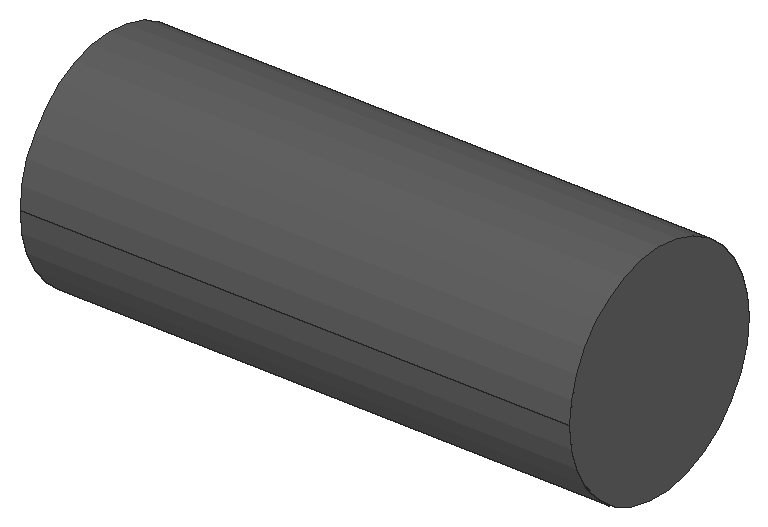
Revit family "Couplings-Flexible-Champion_Couplings-MI-FLEX_Series", category Pipe Fittings, Revit 2014
Parameters (values of type "MI-FLEX-125 (1.25" x 1.25")")
  Width B = 1.420"
  Width A = 1.420"
  Waste Connection = no
  Warranty Information = "1 Year Warranty"  # constant formula
  Vent Connection = no
  URL = "http://www.mifab.com"
  Tick Size = Width A * 0.4  # 0.568"
  Standard Listings & Approval = "CSA Approved, U.P.C. Approved"  # constant formula
  Product Page URL = "http://www.mifab.com/Catalog/No_Hub_Couplings/MIFLEX_Flexible_Couplings.html"
  Product Documentation Link = "http://www.mifab.com/Catalog/Library/MI-FLEX-spec_sheet.pdf"
  Price = "Prices may vary. Please consult Manufacturer Representative for most up-to-date price list."  # constant formula
  Pipe Size Description = "1 1/4” PL / ST / LD x 1 1/4” PL / ST / LD Flex coupling"
  Pipe Outlet Connection Diameter = 1.250"
  Pipe Inlet Connection Diameter = 1.250"
  Pallet Quantity = "4500"
  Nominal Diameter = 1.2425"
  Model = "MI-FLEX"
  Material = "Rubber-Champion Couplings-Elastomeric"  # constant formula
  Masking Reg 2 = no
  Masking Reg 1 = yes
  Manufacturer = "Champion Couplings"  # constant formula
  List Price (Each Piece) = 8.75
  Nominal Height = 3.500"
  Height = 3.500"
  HW Connection = no
  Description = "MIFAB® Series MI-FLEX (specify size) of flexible rubber couplings are manufactured from an elastomeric\r\ncompound that meets the requirements of ASTM C-564 and 300 Series of stainless steel clamps tightened with 5/16” Type 300\r\nstainless steel hex head screws. MI-FLEX Series of flexible couplings are tested and certified to ASTM Standard 1173-2010\r\nand CSA Standard B602-2010 and listed with I.A.P.M.O."  # constant formula
  Creation Date = "\"2/17/2016\""
  Carton Quantity = "100"
  CW Connection = yes
  Assembly Code = "D2090800"
Types (25): name | Width B | Width A | Tick Size | Pipe Size Description | Pipe Outlet Connection Diameter | Pipe Inlet Connection Diameter | Pallet Quantity | Nominal Diameter | Masking Reg 2 | Masking Reg 1 | List Price (Each Piece) | Nominal Height | Height | Carton Quantity
  (no name) | 1.420" | 1.420" | 0.568" | "1 1/4” PL / ST / LD x 1 1/4” PL / ST / LD Flex coupling" | 1.250" | 1.250" | "4500" | 1.2425" | no | yes | 8.75 | 3.500" | 3.500" | "100"
  MI-FLEX-125 (1.5" x 1.25") | 1.420" | 1.690" | 0.676" | "1 1/2” Tubing / Copper x 1 1/4” PL / ST / LD Flex coupling" | 1.250" | 1.500" | "4500" | 1.420" | yes | no | 8.75 | 1.750" | 3.500" | "100"
  MI-FLEX-125 (1.25" x 1.25") | 1.420" | 1.420" | 0.568" | "1 1/4” PL / ST / LD x 1 1/4” PL / ST / LD Flex coupling" | 1.250" | 1.250" | "4500" | 1.2425" | no | yes | 8.75 | 3.500" | 3.500" | "100"
  MI-FLEX-15125 (1.5" x 1.5") | 1.690" | 1.970" | 0.788" | "1 1/2” CI / PL / ST / LD x 1 1/2” Tubing, Copper" | 1.500" | 1.500" | "4500" | 1.690" | no | yes | 9.75 | 1.750" | 3.500" | "100"
  MI-FLEX-15125 (1.5" x 1.25") | 1.690" | 1.970" | 0.788" | "1 1/2” CI / PL / ST / LD x 1 1/4” PL / ST / LD Flex coupling" | 1.250" | 1.500" | "4500" | 1.690" | yes | no | 9.75 | 1.750" | 3.500" | "100"
  MI-FLEX-150 | 2.000" | 2.000" | 0.800" | "1 1/2\" CI / PL / ST / LD x 1 1/2\" CI / PL / ST / LD Flex coupling" | 1.500" | 1.500" | "4500" | 1.750" | no | yes | 9.5 | 3.500" | 3.500" | "100"
  MI-FLEX-200 | 2.200" | 2.200" | 0.880" | "2\" CI / PL / ST / LD x 2\" CI / PL / ST / LD Flex coupling" | 2.000" | 2.000" | "2200" | 1.925" | no | yes | 10 | 3.500" | 3.500" | "100"
  MI-FLEX-215 | 1.970" | 2.130" | 0.852" | "2\" CI / PL / ST / LD x 1 1/2\" CI / PL / ST / LD Flex coupling" | 1.500" | 2.000" | "3200" | 1.970" | yes | no | 10.75 | 1.750" | 3.500" | "100"
  MI-FLEX-300 | 3.180" | 3.180" | 1.272" | "3\" CI / PL / ST / LD x 3\" CI / PL / ST / LD Flex coupling" | 3.000" | 3.000" | "1920" | 2.7825" | no | yes | 13.75 | 2.750" | 2.750" | "80"
  MI-FLEX-320 | 2.200" | 3.180" | 1.272" | "3\" CI / PL / ST / LD x 2\" CI / PL / ST / LD Flex coupling" | 2.000" | 3.000" | "2160" | 2.200" | yes | no | 12.5 | 1.375" | 2.750" | "90"
  MI-FLEX-400 | 4.020" | 4.020" | 1.608" | "4\" CI / PL / ST / LD x 4\" CI / PL / ST / LD Flex coupling" | 4.000" | 4.000" | "1320" | 3.5175" | no | yes | 17 | 4.000" | 4.000" | "60"
  MI-FLEX-415 | 1.970" | 4.500" | 1.800" | "4” CI / PL / ST / LD x 1 1/2” CI / PL / ST / LD Flex coupling" | 1.500" | 4.000" | "1800" | 1.970" | yes | no | 20 | 2.000" | 4.000" | "60"
  MI-FLEX-420 | 2.500" | 4.500" | 1.800" | "4\" CI / PL / ST / LD x 2\" CI / PL / ST / LD Flex coupling" | 2.000" | 4.000" | "1800" | 2.500" | yes | no | 24 | 2.000" | 4.000" | "60"
  MI-FLEX-430 | 3.180" | 4.500" | 1.800" | "4\" CI / PL / ST / LD x 3\" CI / PL / ST / LD Flex coupling" | 3.000" | 4.000" | "1440" | 3.180" | yes | no | 18.5 | 2.000" | 4.000" | "60"
  MI-FLEX-500 | 5.700" | 5.700" | 2.280" | "5\" CI / PL / ST / LD x 5\" CI / PL / ST / LD Flex coupling" | 5.000" | 5.000" | "720" | 4.9875" | no | yes | 29 | 4.000" | 4.000" | "30"
  MI-FLEX-540 | 4.330" | 5.660" | 2.264" | "5” CI / PL / ST / LD x 4” CI / PL / ST / LD Flex coupling" | 4.000" | 5.000" | "720" | 4.330" | yes | no | 32 | 2.000" | 4.000" | "30"
  MI-FLEX-600 | 6.690" | 6.690" | 2.676" | "6\" CI / PL / ST / LD x 6\" CI / PL / ST / LD Flex coupling" | 6.000" | 6.000" | "432" | 5.85375" | no | yes | 36.5 | 6.000" | 6.000" | "18"
  MI-FLEX-640 | 4.550" | 6.750" | 2.700" | "6\" CI / PL / ST / LD x 4\" CI / PL / ST / LD Flex coupling" | 4.000" | 6.000" | "720" | 4.550" | yes | no | 43 | 2.875" | 5.750" | "30"
  MI-FLEX-650 | 5.650" | 6.540" | 2.616" | "6” CI / PL / ST / LD x 5” CI / PL / ST / LD Flex coupling" | 5.000" | 6.000" | "720" | 5.650" | yes | no | 45.5 | 2.875" | 5.750" | "30"
  MI-FLEX-800 | 8.740" | 8.740" | 3.496" | "8\" CI / PL / ST / LD x 8\" CI / PL / ST / LD Flex coupling" | 8.000" | 8.000" | "240" | 7.6475" | no | yes | 56 | 6.000" | 6.000" | "10"
  MI-FLEX-840 | 4.650" | 8.740" | 3.496" | "8” CI / PL / ST / LD x 4” CI / PL / ST / LD Flex coupling" | 4.000" | 8.000" | "240" | 4.650" | yes | no | 92.75 | 3.000" | 6.000" | "10"
  MI-FLEX-860 | 6.380" | 8.600" | 3.440" | "8\" CI / PL / ST / LD x 6\" CI / PL / ST / LD Flex coupling" | 6.000" | 8.000" | "240" | 6.380" | yes | no | 68 | 3.000" | 6.000" | "10"
  MI-FLEX-1000 | 10.780" | 10.780" | 4.312" | "10\" CI / PL / ST / LD x 10\" CI / PL / ST / LD Flex coupling" | 10.000" | 10.000" | "192" | 9.4325" | no | yes | 84.25 | 6.000" | 6.000" | "8"
  MI-FLEX-1008 | 8.560" | 10.400" | 4.160" | "10” CI / PL / ST / LD x 8” CI / PL / ST / LD Flex coupling" | 8.000" | 10.000" | "192" | 8.560" | yes | no | 92.25 | 3.000" | 6.000" | "8"
  MI-FLEX-1200 | 12.650" | 12.650" | 5.060" | "12\" CI / PL / ST / LD x 12\" CI / PL / ST / LD Flex coupling" | 12.000" | 12.000" | "44" | 11.06875" | no | yes | 98.5 | 6.000" | 6.000" | "4"
Reference planes (in)
  plane 1 "Center (Front/Back)": y = 0
  plane 2: z = 0
  plane 3 "Center (Left/Right)": x = 0
  plane 4: x = -1.75
  plane 5: x = 1.75
  plane 6: x = 1.75
  plane 7: y = 0.71
  plane 8: y = -0.71
  plane 9: y = 0.62125
  plane 10: y = -0.62125
  plane 11: y = 0.71
  plane 12: y = -0.71
  plane 13: y = -0.62125
  plane 14: y = 0.62125
Forms (in)
  Extrusion 1, solid, material "Rubber-Champion Couplings-Elastomeric"
    sketch origin (0, 0, 0) x (0, 1, 0) y (0, 0, 1)
      loop
        circle (0, 0) r 0.71
    from -1.75 to 1.75
  Revolve 2, solid, material "Rubber-Champion Couplings-Elastomeric"
    sketch origin (0, 0, 0) x (1, 0, 0) y (0, 1, 0)
      loop
        line (0, 0.71) -> (0, 0) -> (1.75, 0) -> (1.75, 0.62125) -> (0.08875, 0.62125) -> (0, 0.71)
      axis (0, 0) -> (1.75, 0)
    angle from 0 to 360
Cuts and joins
  joined: Extrusion 1, Revolve 2
Lines and regions (in)
  Masking region 1, visible <- "Masking Reg 2", detail levels fine
    outline origin (0, 0, 0) x (1, 0, 0) y (0, 1, 0)
      loop
        line (-1.75, 0.71) -> (-1.75, -0.71) -> (0, -0.71) -> (0.08875, -0.62125) -> (1.75, -0.62125) -> (1.75, 0.62125) -> (0.08875, 0.62125) -> (0, 0.71) -> (-1.75, 0.71)
  Masking region 2, visible <- "Masking Reg 1", detail levels fine
    outline origin (0, 0, 0) x (1, 0, 0) y (0, 1, 0)
      loop
        line (-1.75, 0.71) -> (-1.75, -0.71) -> (1.75, -0.71) -> (1.75, 0.71) -> (-1.75, 0.71)
  model lines, detail levels coarse+medium
    curve 1: line (-1.75, 0.568, 0) -> (-1.75, -0.568, 0)
    curve 2: line (1.75, 0.568, 0) -> (1.75, -0.568, 0)
    curve 3: line (1.75, 0, 0) -> (-1.75, 0, 0)
Dimensions and locks (in)
  "Height": plane 4 to plane 5
  equal spacing: plane 4, plane 3 "Center (Left/Right)", plane 5
  "Tick Size": plane 1 "Center (Front/Back)" to curve 1
  "Tick Size": curve 1 to plane 1 "Center (Front/Back)"
  "Tick Size": plane 1 "Center (Front/Back)" to curve 2
  "Tick Size": curve 2 to plane 1 "Center (Front/Back)"
  "Nominal Height": plane 4 to plane 6
  "Width A": plane 8 to plane 7
  equal spacing: plane 8, plane 1 "Center (Front/Back)", plane 7
  "Nominal Diameter": plane 9 to plane 10
  equal spacing: plane 9, plane 1 "Center (Front/Back)", plane 10
  "Width A": plane 11 to plane 12
  "Nominal Diameter": plane 13 to plane 14
  equal spacing: plane 11, plane 1 "Center (Front/Back)", plane 12
  equal spacing: plane 13, plane 1 "Center (Front/Back)", plane 14
  "Width A": Masking region 2 sketch curve to Masking region 2 sketch curve
  equal spacing: Masking region 2 sketch curve, plane 1 "Center (Front/Back)", Masking region 2 sketch curve
  "Width A": diameter of Extrusion 1 sketch curve
  locked: plane 6 to Revolve 2 sketch curve (angle 45.00°)
  locked: plane 3 "Center (Left/Right)" to Masking region 1 sketch curve (angle 45.00°)
  locked: Masking region 1 sketch curve to plane 3 "Center (Left/Right)" (angle 45.00°)
  aligned and locked: Extrusion 1 to plane 4
  aligned and locked: curve 3 to plane 1 "Center (Front/Back)"
  aligned and locked: curve 1 to plane 4
  aligned and locked: plane 5 to curve 2
  aligned and locked: plane 6 to Extrusion 1
  aligned and locked: plane 3 "Center (Left/Right)" to Revolve 2 sketch curve
  aligned and locked: plane 7 to Revolve 2 sketch curve
  aligned and locked: plane 5 to Revolve 2 sketch curve
  aligned and locked: Revolve 2 sketch curve to plane 1 "Center (Front/Back)"
  aligned and locked: Revolve 2 sketch curve to plane 9
  aligned and locked: Masking region 1 sketch curve to plane 11
  aligned and locked: Masking region 1 sketch curve to plane 12
  aligned and locked: plane 4 to Masking region 1 sketch curve
  aligned and locked: plane 14 to Masking region 1 sketch curve
  aligned and locked: Masking region 1 sketch curve to plane 13
  aligned and locked: plane 5 to Masking region 1 sketch curve
  aligned and locked: plane 4 to Masking region 2 sketch curve
  aligned and locked: plane 5 to Masking region 2 sketch curve
Automatic sketch dimensions
  Extrusion 1 sketch curve to level = 0.000"
  Extrusion 1 sketch curve to plane 1 "Center (Front/Back)" = 0.000"
  plane 1 "Center (Front/Back)" to Revolve 2 sketch curve = 0.000"
  Revolve 2 sketch curve to plane 4 = 0.250"
  Revolve 2 sketch curve to Revolve 2 sketch curve = 0.750"
  Masking region 1 sketch curve to plane 3 "Center (Left/Right)" = 0.000"  (x2)
Connectors (in)
  piping at (-1.75, 0, 0), diameter 1.25, driven by "Pipe Inlet Connection Diameter"
    settings: on Extrusion 1, index 1, connector inside diameter 24", connector length 0.000", flow factor 0, pipe flow 0 GPM, pressure drop 0.00 psi, fitting loss kfactor 0, connector angle 0.00°, fixture units 0, engagement length 0.000", angle of deflection 0.00°, flow configuration 0, flow direction 0, fitting loss method 0, system type 28, joint type 0, gender type 0, connector reference index -1, connector utility 0, adjustable connector no, is connector primary yes, connector description ""
  piping at (1.75, 0, 0), diameter 1.25, driven by "Pipe Outlet Connection Diameter"
    settings: on Revolve 2, index 2, connector inside diameter 24", connector length 0.000", flow factor 0, pipe flow 0 GPM, pressure drop 0.00 psi, fitting loss kfactor 0, connector angle 0.00°, fixture units 0, engagement length 0.000", angle of deflection 0.00°, flow configuration 0, flow direction 0, fitting loss method 0, system type 28, joint type 0, gender type 0, connector reference index -1, connector utility 0, adjustable connector no, is connector primary no, connector description ""
